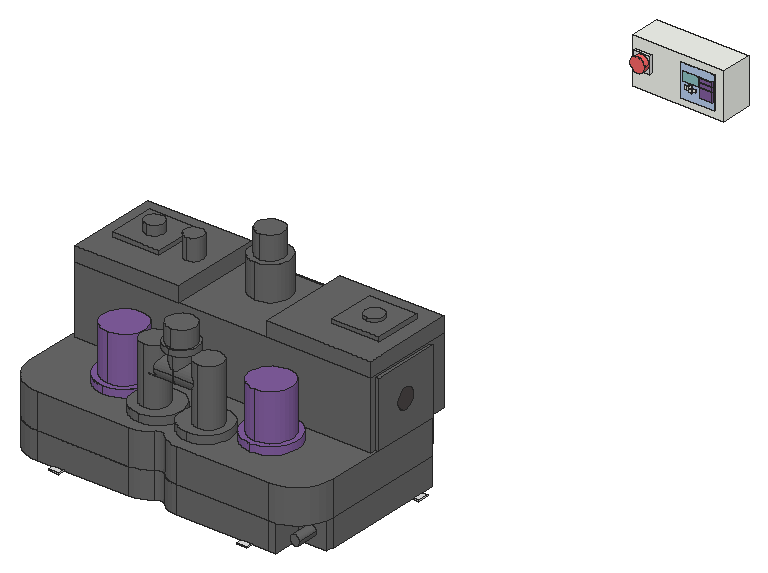
Revit family "11110", category Generic Models, Revit 2021
Family settings
  Can host rebar = No
  Round Connector Dimension = Use Diameter
  Part Type = Normal
  Work Plane-Based = No
  Always vertical = Yes
  Cut with Voids When Loaded = No
  Shared = Yes
  Room Calculation Point = No
Parameters (values of type "11110")
  SUPPLIER = "KESSEL"
  SA700ID49 = "Protection Class I"
  SA700ID48 = "no"
  SA700ID47 = "no"
  SA700ID46 = "yes"
  SA700ID37 = 16000 mm
  SA700ID34 = 47
  SA700ID33 = 3.2 W
  SA700ID32 = 112.79 kg
  SA700ID31 = 1
  SA700ID30 = 2
  SA700ID29 = "GLRD"
  SA700ID21 = 1600
  SA700ID10 = "yes"
  SA700ID08 = 400 V
  PROCUREWEBLINK = "https://p.caden.as/kessel/11110"
  PROCURELINK = "p.caden.as/kessel/11110"
  PROCUREDATALASTUPDATE = "2024-05-22T12:17:47.120327751+01:00"
  PREVIEW = "../../_pool_/28/43/11110.png"
  PRC_SPECIFICATIONLINK = "https://ausschreiben.de/catalog/kessel/catalogItem/860c0efe-db35-4714-9a7a-eb2f2846d1dc"
  NN = "Lifting station Aqualift F XL"
  NBSYN = "$SA810ID03."
  NB = "11110"
  Model = "11110"
  Manufacturer = "KESSEL"
  MIdent = "{$CADENAS_DATA/23d-libs/kessel/kessel_vdi_import/4/entwaesserung/hebeanlage20aqualift20f20xl.prj},201 {STYP=ASS},{VTYP=3D},{NB=11110},{LINA=11110},{NN=Lifting station Aqualift F XL},{DATE=21.11.2022 10:48:11},{GEOMDATE=21.11.2022 10:48:11},{VERSION=},{LINEID=330},{WBVAR=LODLEVEL},{WBNUMERIC=LODLEVEL}  {NB=11110},{LINA=11110},{KT=DUMMY},{PREVIEW=../../_pool_/28/43/11110.png},{SA700ID04=Hebeanlage Aqualift F XL 300 l, Duo, SPF 3000-S1},{SA810ID06=04026092057773},{SA700ID34=47.00},{SA010ID03=201805},{SA810ID03=11110},{SA810ID10=Aqualift F XL 3000W-S1 Duo 300L o.S.KESSEL Aqualift F XL Hebeanlage für fäkalienhaltiges und fäkalienfreies Abwasser. Zur Aufstellung in frostgeschützten Räumen.Duoanlage mit zwei Pumpen des Typs SPF 3000-S1Sammelbehälter aus Polyethylen, mit verschraubter Reinigungsöffnung, Anschlussstutzen für Zulauf von oben DN100/150.Inklusive Tauchrohr zur pneumatischen Niveauerfassung,Entlüftungsanschluss DN 70 und Anschluss für eine Handmembranpumpe DN 32.Behälter inklusive Haltewinkel zur Auftriebssicherung.Behältervolumen 300 Liter, max. Nutzvolumen bei Zulauf von oben ca. 175 Liter.Zwei seitliche und drei rückseitige Anbohrflächen zur Montage weiterer Zuläufe bis DN 200 unter Verwendung von Durchgangsdichtungen.Inklusive KESSEL Schaltgerät Aqualift Comfort 400 V.Anwenderfreundliche Menüführung im mehrzeiligem Display. MitSelbstdiagnosesystem (SDS) und Erinnerungsfunktion für nächste Wartung.Anzeige der aktuellen Messwerte. Einfache Einstellung derfunktionsrelevanten Parameter, inklusive Betriebsstundenzähler und potentialfreiem Kontakt. Optionale Weiterleitung von Alarm- und Sammelstörmeldung über GSM Schnittstelle.Schaltgerät mit Volltextanzeige in sechs Sprachen.Abwasserpumpe(n) mit Freistromrad zur Förderung von fäkalienfreiem und fäkalienhaltigem Abwasser gemäß DIN EN 12050-1. Freier Kugeldurchgang mindestens 40 mm. Pumpe(n) überflutungssicher.InklusiveRückflussverhinderer, mit Druckabgang aus Kunststoff DN 100. Ohne Absperrschieber.Pumpe(n) Typ SPF 3000-S1Fördermenge: max. 47 m³/hFörderhöhe: max. 16 mNennleistung (P2): 2,7 KW je PumpeAufnahmeleistung (P1): 3,2 KW je PumpeBetriebsspannung: 400 V DSNennfrequenz: 50 HzNennstrom: 5,4 AAbsicherung: 3 x 16 A trägeSchutzart (Pumpe): IP68 3mWS/48hSchutzart (Schaltgerät): IP 65Bertiebsart: S1Kabellänge: 5 mAußenmaße Anlage mit 300 Liter Behälter (BxTxH): 1260 x 760 x 770 mmGewicht ca. 112,79 kg},{SA700ID37=16.00},{SA700ID33=3.20},{SA700ID08=400},{SA700ID30=2},{SA700ID32=112.79},{SA700ID49=Schutzklasse I},{SA700ID50=intern},{SA200ID03=6},{SA250ID03=vertikal},{SA260ID03=Trockenläuferpumpe},{SA350ID03=normalansaugend},{SA400ID03=E-Motor für Drehstrom},{SA460ID03=direkt},{SA500ID03=Kunststoff, Edelstahl},{SA700ID06=100},{SA700ID07=100},{SA700ID09=3/N/PE 400V},{SA700ID10=Ja},{SA700ID11=50},{SA700ID12=IP 68},{SA700ID13=F},{SA700ID15=40},{SA700ID21=1600.00},{SA700ID22=2.70},{SA700ID23=2890},{SA700ID24=2890},{SA700ID26=5.40},{SA700ID27=41.00},{SA700ID28=durchgehend},{SA700ID29=GLRD},{SA700ID31=1},{SA700ID46=ja},{SA700ID47=nein},{SA700ID48=nein},{SA110ID04=Hebeanlage Aqualift F XL},{SA300ID03=einstufig},{SA700ID44=10.00},{SA700ID45=10.00},{SA010ID04=KESSEL AG},{LODLEVEL=200},{LINK=https://www.kessel.de/info?han=11110},{SA970ID01=970},{SA970ID02=7184},{SA970ID03=11110},{SA970ID04=11002617},{SA970ID05=QUAD},{SA970ID06=-655.51},{SA970ID07=-635.99},{SA970ID08=0},{SA970ID09=1},{SA970ID10=0},{SA970ID11=0},{SA970ID12=0},{SA970ID13=1},{SA970ID14=0},{SA970ID15=1311.02},{SA970ID16=785.99},{SA970ID17=771},{LODLEVEL_=200,'Low'},{LODLEVEL_DEU=200,'Low'},{LINK_=https://www.kessel.de/info?han=11110},{LINK_DEU=https://www.kessel.de/info?han=11110},{LODLEVEL_3DB=11110_200},{DNIN1=100},{DNIN2=70},{DNIN4=10},{DNIN5=10},{DNIN6=50},{DNIN7=50},{DNIN8=50},{DNIN9=50},{DNOUT1=32},{DNOUT2=100},{DNOUT3=70},{ISD1=96},{ISD2=10},{ISDOUT1=40},{ISDOUT2=85},{ISDOUT3=70},{SA010ID01=010},{SA010ID02=4},{SA010ID06=www.kessel.de},{SA010ID07=www.kessel.de},{SA010ID12=20180713},{SA010ID13=DEU},{SA010ID14=DE},{SA100ID01=100},{SA100ID02=4},{SA100ID04=Entwässerung},{SA110ID01=110},{SA110ID02=6},{SA200ID01=200},{SA200ID02=6},{SA250ID01=250},{SA250ID02=2},{SA260ID01=260},{SA260ID02=2},{SA300ID01=300},{SA300ID02=1},{SA350ID01=350},{SA350ID02=1},{SA400ID01=400},{SA400ID02=2},{SA460ID01=460},{SA460ID02=1},{SA500ID01=500},{SA500ID02=1},{SA700ID01=700},{SA700ID02=77},{SA700ID10_=1},{SA700ID16=0},{SA700ID25=0},{SA700ID46_=1},{SA700ID47_=0},{SA700ID48_=0},{SA700ID49_=1},{SA700ID50_=2},{SA800ID01=800},{SA800ID02=41},{SA810ID01=810},{SA810ID02=77},{SA810ID04=11110},{SA810ID07=77},{SA810ID09=1},{SA810ID14=PCE},{SA810ID15=1},{SA810ID16=NMP},{SA960ID03=77},{SA960ID04=3L},{SA960ID08=https://www.kessel.de/info?han=11110},{SA010ID08=4026092000007},{SA100ID05=Hebeanlage},{SA110ID06=Hebeanlage}"
  LINK = "https://www.kessel.de/info?han=11110"
  LINA = "11110"
  Default Elevation = 0 mm
  CREATOR = "CADENAS GmbH"
  CATALOG = "KESSEL"
  BOMINFO = "LINA"
  ARTICLENO = "NB"
  4.810.00.9 Order quantity (multiplicator) = "1"
  4.810.00.7 Media- connection number = "77"
  4.810.00.6 GTIN number = "04026092057773"
  4.810.00.4 DATANORM number = "11110"
  4.810.00.3 Producer order number = "11110"
  4.710.03.7 Mass (net) = 112.79 kg
  4.710.03.6 Height = 770 mm
  4.710.03.5 Width = 760 mm
  4.710.03.4 Length = 1260 mm
  4.710.03.3 Type of dimensions = "2"
  4.710.02.8 Area of application of wastewater pump = "1"
  4.710.02.6 Duty type = "S1"
  4.710.02.5 Cutting device = "0"
  4.710.02.4 Attached pump control = "1"
  4.710.02.3 Free passage = 40 mm
  4.710.01.6 Option to connect to building automation = "40"
  4.710.01.5 Load regulation = "0"
  4.710.01.4 Designation of closed-loop control = "175"
  4.710.01.3 Identifier for closed-loop control = "300"
  4.700.00.9 Voltage = 0
  4.700.00.8 Nominal connection size on suction side = "100"
  4.700.00.7 Nominal connection size on pressure side = "100"
  4.700.00.6 Type of connection = "100"
  4.700.00.4 Product indentification = "Hebeanlage Aqualift F XL 300 l, Duo, SPF 3000-S1"
  4.700.00.28 Motor pump shaft = "durchgehend"
  4.700.00.27 Starting current = 41
  4.700.00.26 Maximum power consumption per pump / drive = 5.4
  4.700.00.25 Minimum speed at internal speed adjustment = 0
  4.700.00.24 Nominal speed / maximum speed n = 48.1667
  4.700.00.23 Nominal speed of motor = 48.1667
  4.700.00.22 Maximum shaft output (P2) per pump/drive = 2.7 W
  4.700.00.16 Maximum temperature of pumped medium = 0 °C
  4.700.00.15 Increased safety class = "40 °C"
  4.700.00.13 Type of protection = "F"
  4.700.00.12 Frequency = 0
  4.700.00.11 Stern-/Dreieck-Anlaufschaltung bei Dreiphasenanschluss oder Drehstrom = "50 Hz"
  4.700.00.10 Phase = "1"
  4.500.00.3 Variant / Variant type / Accessories-name = "Kunststoff, Edelstahl"
  4.460.00.3 Variant / Variant type / Accessories-name = "direkt"
  4.400.00.3 Variant / Variant type / Accessories-name = "E-Motor für Drehstrom"
  4.350.00.3 Variant / Variant type / Accessories-name = "normalansaugend"
  4.300.00.3 Variant / Variant type / Accessories-name = "einstufig"
  4.260.00.3 Variant / Variant type / Accessories-name = "Trockenläuferpumpe"
  4.250.00.3 Variant / Variant type / Accessories-name = "vertikal"
  4.200.00.3 Variant / Variant type / Accessories-name = "6"
  4.110.00.6 Product classification = "Hebeanlage"
  4.110.00.4 Product indentification = "Hebeanlage Aqualift F XL"
  4.100.00.5 Main groups of wares = "Hebeanlage"
  4.100.00.4 Product indentification = "Entwässerung"
  4.010.00.8 Producer ID number = "4026092000007"
  4.010.00.7 Comment = "www.kessel.de"
  4.010.00.6 Web address of the manufacturer = "www.kessel.de"
  4.010.00.4 Manufacturer name = "KESSEL AG"
  4.010.00.3 Date of issuance (month) of guideline = "201805"
  4.010.00.2 Sheet number of the guideline = "4"
  4.010.00.14 Kennungen der Projektländer, für die die Datei gültig ist = "DE"
  4.010.00.13 Sprache der Datei = "DEU"
  4.010.00.12 Stand des Herstellerkatalogs = "20180713"
Reference planes
  plane 1 "Center (Front/Back)": y = 0
  plane 2: z = 0
  plane 3 "Center (Left/Right)": x = 0
Dimensions and locks
  aligned and locked: level to plane 2
Nested families
  nested 1: "11110_content" at (0, 0, 0), type "11110_Content"
  nested 2: "11110_part1_X0Y0" at (1000, 1000, 1200), type "11110_PART1_X0Y0"
  nested 3: "11110_part2_X0Y0" at (0, 0, 0), type "11110_PART2_X0Y0"
Connectors
  electrical at (861, 933, 1201.5)
    settings: on nested 2, index 1, voltage 0 V, apparent load 0 VA, apparent load phase1 0 VA, apparent load phase2 0 VA, apparent load phase3 0 VA, power factor 1, load classification "Other", number of poles 1, system type 31, power factor state 1, is connector primary yes, connector utility no, sub classification motor no, connector description ""
  piping at (0, 0, 771), diameter 100
    settings: on nested 3, index 2, connector inside diameter 609.6 mm, connector length 0 mm, flow factor 0, pipe flow 0.0 L/s, pressure drop 0.0 Pa, fitting loss kfactor 0, connector angle 0.00°, fixture units 0, engagement length 0 mm, angle of deflection 0.00°, flow configuration 0, flow direction 1, fitting loss method 2, system type 8, joint type 0, gender type 0, connector reference index -1, connector utility 0, adjustable connector no, is connector primary yes, connector description ""
  piping at (631, -84.999, 392), diameter 70
    settings: on nested 3, index 3, connector inside diameter 609.6 mm, connector length 0 mm, flow factor 0, pipe flow 0.0 L/s, pressure drop 0.0 Pa, fitting loss kfactor 0, connector angle 0.00°, fixture units 0, engagement length 0 mm, angle of deflection 0.00°, flow configuration 0, flow direction 0, fitting loss method 2, system type 8, joint type 0, gender type 0, connector reference index -1, connector utility 0, adjustable connector no, is connector primary no, connector description ""
  piping at (358.7, 150.5, 392), diameter 70
    settings: on nested 3, index 4, connector inside diameter 609.6 mm, connector length 0 mm, flow factor 0, pipe flow 0.0 L/s, pressure drop 0.0 Pa, fitting loss kfactor 0, connector angle 0.00°, fixture units 0, engagement length 0 mm, angle of deflection 0.00°, flow configuration 0, flow direction 0, fitting loss method 2, system type 8, joint type 0, gender type 0, connector reference index -1, connector utility 0, adjustable connector no, is connector primary no, connector description ""
  piping at (-357.7, 150.5, 392), diameter 70
    settings: on nested 3, index 5, connector inside diameter 609.6 mm, connector length 0 mm, flow factor 0, pipe flow 0.0 L/s, pressure drop 0.0 Pa, fitting loss kfactor 0, connector angle 0.00°, fixture units 0, engagement length 0 mm, angle of deflection 0.00°, flow configuration 0, flow direction 0, fitting loss method 2, system type 8, joint type 0, gender type 0, connector reference index -1, connector utility 0, adjustable connector no, is connector primary no, connector description ""
  piping at (-630, -85, 392), diameter 70
    settings: on nested 3, index 6, connector inside diameter 609.6 mm, connector length 0 mm, flow factor 0, pipe flow 0.0 L/s, pressure drop 0.0 Pa, fitting loss kfactor 0, connector angle 0.00°, fixture units 0, engagement length 0 mm, angle of deflection 0.00°, flow configuration 0, flow direction 0, fitting loss method 2, system type 8, joint type 0, gender type 0, connector reference index -1, connector utility 0, adjustable connector no, is connector primary no, connector description ""
  piping at (0, -460, 620), diameter 100
    settings: on nested 3, index 7, connector inside diameter 609.6 mm, connector length 0 mm, flow factor 0, pipe flow 0.0 L/s, pressure drop 0.0 Pa, fitting loss kfactor 0, connector angle 0.00°, fixture units 0, engagement length 0 mm, angle of deflection 0.00°, flow configuration 0, flow direction 2, fitting loss method 2, system type 7, joint type 0, gender type 0, connector reference index -1, connector utility 0, adjustable connector no, is connector primary no, connector description ""
  piping at (-269.5, -60, 681), diameter 70
    settings: on nested 3, index 8, connector inside diameter 609.6 mm, connector length 0 mm, flow factor 0, pipe flow 0.0 L/s, pressure drop 0.0 Pa, fitting loss kfactor 0, connector angle 0.00°, fixture units 0, engagement length 0 mm, angle of deflection 0.00°, flow configuration 0, flow direction 2, fitting loss method 2, system type 7, joint type 0, gender type 0, connector reference index -1, connector utility 0, adjustable connector no, is connector primary no, connector description ""
  piping at (565, -575.5, 56), diameter 32
    settings: on nested 3, index 9, connector inside diameter 609.6 mm, connector length 0 mm, flow factor 0, pipe flow 0.0 L/s, pressure drop 0.0 Pa, fitting loss kfactor 0, connector angle 0.00°, fixture units 0, engagement length 0 mm, angle of deflection 0.00°, flow configuration 0, flow direction 2, fitting loss method 2, system type 7, joint type 0, gender type 0, connector reference index -1, connector utility 0, adjustable connector no, is connector primary no, connector description ""
  piping at (0, 150.5, 392), diameter 70
    settings: on nested 3, index 10, connector inside diameter 609.6 mm, connector length 0 mm, flow factor 0, pipe flow 0.0 L/s, pressure drop 0.0 Pa, fitting loss kfactor 0, connector angle 0.00°, fixture units 0, engagement length 0 mm, angle of deflection 0.00°, flow configuration 0, flow direction 0, fitting loss method 2, system type 29, joint type 0, gender type 0, connector reference index -1, connector utility 0, adjustable connector no, is connector primary no, connector description ""
  electrical at (305.4, -376.25, 477)
    settings: on nested 3, index 11, voltage 0 V, apparent load 0 VA, apparent load phase1 0 VA, apparent load phase2 0 VA, apparent load phase3 0 VA, power factor 1, load classification "Other", number of poles 1, system type 31, power factor state 1, is connector primary no, connector utility no, sub classification motor no, connector description ""
  electrical at (-305.4, -376.25, 477)
    settings: on nested 3, index 12, voltage 0 V, apparent load 0 VA, apparent load phase1 0 VA, apparent load phase2 0 VA, apparent load phase3 0 VA, power factor 1, load classification "Other", number of poles 1, system type 31, power factor state 1, is connector primary no, connector utility no, sub classification motor no, connector description ""
  electrical at (-457, -29.5, 650)
    settings: on nested 3, index 13, voltage 0 V, apparent load 0 VA, apparent load phase1 0 VA, apparent load phase2 0 VA, apparent load phase3 0 VA, power factor 1, load classification "Other", number of poles 1, system type 31, power factor state 1, is connector primary no, connector utility no, sub classification motor no, connector description ""
Definition of nested family "11110_part1_X0Y0"
  Parameters (values of type "11110_PART1_X0Y0")
    SUPPLIER = "KESSEL"
    SA700ID49 = "Protection Class I"
    SA700ID48 = "no"
    SA700ID47 = "no"
    SA700ID46 = "yes"
    SA700ID37 = 16000 mm
    SA700ID34 = 47
    SA700ID33 = 3.2 W
    SA700ID32 = 112.79 kg
    SA700ID31 = 1
    SA700ID30 = 2
    SA700ID29 = "GLRD"
    SA700ID21 = 1600
    SA700ID10 = "yes"
    SA700ID08 = 400 V
    PREVIEW = "../../_pool_/28/43/11110.png"
    NBSYN = "$SA810ID03._PART1"
    NB = "11110_PART1"
    Model = "11110_PART1"
    Manufacturer = "KESSEL"
    MIdent = "{$CADENAS_DATA/23d-libs/kessel/kessel_vdi_import/4/entwaesserung/hebeanlage20aqualift20f20xl.prj},221 {VTYP=3D},{NB=11110_PART1},{LINA=11110_PART1},{NN=Lifting station Aqualift F XL_PART1},{NOPRJ=TRUE},{DATE=21.11.2022 10:48:11},{GEOMDATE=21.11.2022 10:48:11},{VERSION=},{LINEID=330},{WBVAR=LODLEVEL},{WBNUMERIC=LODLEVEL}  {NB=11110_PART1},{LINA=11110_PART1},{KT=DUMMY},{PREVIEW=../../_pool_/28/43/11110.png},{SA700ID04=Hebeanlage Aqualift F XL 300 l, Duo, SPF 3000-S1},{SA810ID06=04026092057773},{SA700ID34=47.00},{SA010ID03=201805},{SA810ID03=11110},{SA810ID10=Aqualift F XL 3000W-S1 Duo 300L o.S.KESSEL Aqualift F XL Hebeanlage für fäkalienhaltiges und fäkalienfreies Abwasser. Zur Aufstellung in frostgeschützten Räumen.Duoanlage mit zwei Pumpen des Typs SPF 3000-S1Sammelbehälter aus Polyethylen, mit verschraubter Reinigungsöffnung, Anschlussstutzen für Zulauf von oben DN100/150.Inklusive Tauchrohr zur pneumatischen Niveauerfassung,Entlüftungsanschluss DN 70 und Anschluss für eine Handmembranpumpe DN 32.Behälter inklusive Haltewinkel zur Auftriebssicherung.Behältervolumen 300 Liter, max. Nutzvolumen bei Zulauf von oben ca. 175 Liter.Zwei seitliche und drei rückseitige Anbohrflächen zur Montage weiterer Zuläufe bis DN 200 unter Verwendung von Durchgangsdichtungen.Inklusive KESSEL Schaltgerät Aqualift Comfort 400 V.Anwenderfreundliche Menüführung im mehrzeiligem Display. MitSelbstdiagnosesystem (SDS) und Erinnerungsfunktion für nächste Wartung.Anzeige der aktuellen Messwerte. Einfache Einstellung derfunktionsrelevanten Parameter, inklusive Betriebsstundenzähler und potentialfreiem Kontakt. Optionale Weiterleitung von Alarm- und Sammelstörmeldung über GSM Schnittstelle.Schaltgerät mit Volltextanzeige in sechs Sprachen.Abwasserpumpe(n) mit Freistromrad zur Förderung von fäkalienfreiem und fäkalienhaltigem Abwasser gemäß DIN EN 12050-1. Freier Kugeldurchgang mindestens 40 mm. Pumpe(n) überflutungssicher.InklusiveRückflussverhinderer, mit Druckabgang aus Kunststoff DN 100. Ohne Absperrschieber.Pumpe(n) Typ SPF 3000-S1Fördermenge: max. 47 m³/hFörderhöhe: max. 16 mNennleistung (P2): 2,7 KW je PumpeAufnahmeleistung (P1): 3,2 KW je PumpeBetriebsspannung: 400 V DSNennfrequenz: 50 HzNennstrom: 5,4 AAbsicherung: 3 x 16 A trägeSchutzart (Pumpe): IP68 3mWS/48hSchutzart (Schaltgerät): IP 65Bertiebsart: S1Kabellänge: 5 mAußenmaße Anlage mit 300 Liter Behälter (BxTxH): 1260 x 760 x 770 mmGewicht ca. 112,79 kg},{SA700ID37=16.00},{SA700ID33=3.20},{SA700ID08=400},{SA700ID30=2},{SA700ID32=112.79},{SA700ID49=Schutzklasse I},{SA700ID50=intern},{SA200ID03=6},{SA250ID03=vertikal},{SA260ID03=Trockenläuferpumpe},{SA350ID03=normalansaugend},{SA400ID03=E-Motor für Drehstrom},{SA460ID03=direkt},{SA500ID03=Kunststoff, Edelstahl},{SA700ID06=100},{SA700ID07=100},{SA700ID09=3/N/PE 400V},{SA700ID10=Ja},{SA700ID11=50},{SA700ID12=IP 68},{SA700ID13=F},{SA700ID15=40},{SA700ID21=1600.00},{SA700ID22=2.70},{SA700ID23=2890},{SA700ID24=2890},{SA700ID26=5.40},{SA700ID27=41.00},{SA700ID28=durchgehend},{SA700ID29=GLRD},{SA700ID31=1},{SA700ID46=ja},{SA700ID47=nein},{SA700ID48=nein},{SA110ID04=Hebeanlage Aqualift F XL},{SA300ID03=einstufig},{SA700ID44=10.00},{SA700ID45=10.00},{SA010ID04=KESSEL AG},{LODLEVEL=200},{LINK=https://www.kessel.de/info?han=11110},{SA970ID01=970},{SA970ID02=7184},{SA970ID03=11110},{SA970ID04=11002617},{SA970ID05=QUAD},{SA970ID06=-655.51},{SA970ID07=-635.99},{SA970ID08=0},{SA970ID09=1},{SA970ID10=0},{SA970ID11=0},{SA970ID12=0},{SA970ID13=1},{SA970ID14=0},{SA970ID15=1311.02},{SA970ID16=785.99},{SA970ID17=771},{LODLEVEL_=200,'Low'},{LODLEVEL_DEU=200,'Low'},{LINK_=https://www.kessel.de/info?han=11110},{LINK_DEU=https://www.kessel.de/info?han=11110},{LODLEVEL_3DB=11110_200},{DNIN1=100},{DNIN2=70},{DNIN4=10},{DNIN5=10},{DNIN6=50},{DNIN7=50},{DNIN8=50},{DNIN9=50},{DNOUT1=32},{DNOUT2=100},{DNOUT3=70},{ISD1=96},{ISD2=10},{ISDOUT1=40},{ISDOUT2=85},{ISDOUT3=70},{SA010ID01=010},{SA010ID02=4},{SA010ID06=www.kessel.de},{SA010ID07=www.kessel.de},{SA010ID12=20180713},{SA010ID13=DEU},{SA010ID14=DE},{SA100ID01=100},{SA100ID02=4},{SA100ID04=Entwässerung},{SA110ID01=110},{SA110ID02=6},{SA200ID01=200},{SA200ID02=6},{SA250ID01=250},{SA250ID02=2},{SA260ID01=260},{SA260ID02=2},{SA300ID01=300},{SA300ID02=1},{SA350ID01=350},{SA350ID02=1},{SA400ID01=400},{SA400ID02=2},{SA460ID01=460},{SA460ID02=1},{SA500ID01=500},{SA500ID02=1},{SA700ID01=700},{SA700ID02=77},{SA700ID10_=1},{SA700ID16=0},{SA700ID25=0},{SA700ID46_=1},{SA700ID47_=0},{SA700ID48_=0},{SA700ID49_=1},{SA700ID50_=2},{SA800ID01=800},{SA800ID02=41},{SA810ID01=810},{SA810ID02=77},{SA810ID04=11110},{SA810ID07=77},{SA810ID09=1},{SA810ID14=PCE},{SA810ID15=1},{SA810ID16=NMP},{SA960ID03=77},{SA960ID04=3L},{SA960ID08=https://www.kessel.de/info?han=11110},{SA010ID08=4026092000007},{SA100ID05=Hebeanlage},{SA110ID06=Hebeanlage}"
    LINK = "https://www.kessel.de/info?han=11110"
    LINA = "11110_PART1"
    Default Elevation = 1219.2 mm
    CREATOR = "CADENAS GmbH"
    CATALOG = "KESSEL"
    BOMINFO = "LINA"
    ARTICLENO = "NB"
    4.810.00.9 Order quantity (multiplicator) = "1"
    4.810.00.7 Media- connection number = "77"
    4.810.00.6 GTIN number = "04026092057773"
    4.810.00.4 DATANORM number = "11110"
    4.810.00.3 Producer order number = "11110"
    4.710.03.7 Mass (net) = 112.79 kg
    4.710.03.6 Height = 770 mm
    4.710.03.5 Width = 760 mm
    4.710.03.4 Length = 1260 mm
    4.710.03.3 Type of dimensions = "2"
    4.710.02.8 Area of application of wastewater pump = "1"
    4.710.02.6 Duty type = "S1"
    4.710.02.5 Cutting device = "0"
    4.710.02.4 Attached pump control = "1"
    4.710.02.3 Free passage = 40 mm
    4.710.01.6 Option to connect to building automation = "40"
    4.710.01.5 Load regulation = "0"
    4.710.01.4 Designation of closed-loop control = "175"
    4.710.01.3 Identifier for closed-loop control = "300"
    4.700.00.9 Voltage = 0
    4.700.00.8 Nominal connection size on suction side = "100"
    4.700.00.7 Nominal connection size on pressure side = "100"
    4.700.00.6 Type of connection = "100"
    4.700.00.4 Product indentification = "Hebeanlage Aqualift F XL 300 l, Duo, SPF 3000-S1"
    4.700.00.28 Motor pump shaft = "durchgehend"
    4.700.00.27 Starting current = 41
    4.700.00.26 Maximum power consumption per pump / drive = 5.4
    4.700.00.25 Minimum speed at internal speed adjustment = 0
    4.700.00.24 Nominal speed / maximum speed n = 48.1667
    4.700.00.23 Nominal speed of motor = 48.1667
    4.700.00.22 Maximum shaft output (P2) per pump/drive = 2.7 W
    4.700.00.16 Maximum temperature of pumped medium = 0 °C
    4.700.00.15 Increased safety class = "40 °C"
    4.700.00.13 Type of protection = "F"
    4.700.00.12 Frequency = 0
    4.700.00.11 Stern-/Dreieck-Anlaufschaltung bei Dreiphasenanschluss oder Drehstrom = "50 Hz"
    4.700.00.10 Phase = "1"
    4.500.00.3 Variant / Variant type / Accessories-name = "Kunststoff, Edelstahl"
    4.460.00.3 Variant / Variant type / Accessories-name = "direkt"
    4.400.00.3 Variant / Variant type / Accessories-name = "E-Motor für Drehstrom"
    4.350.00.3 Variant / Variant type / Accessories-name = "normalansaugend"
    4.300.00.3 Variant / Variant type / Accessories-name = "einstufig"
    4.260.00.3 Variant / Variant type / Accessories-name = "Trockenläuferpumpe"
    4.250.00.3 Variant / Variant type / Accessories-name = "vertikal"
    4.200.00.3 Variant / Variant type / Accessories-name = "6"
    4.110.00.6 Product classification = "Hebeanlage"
    4.110.00.4 Product indentification = "Hebeanlage Aqualift F XL"
    4.100.00.5 Main groups of wares = "Hebeanlage"
    4.100.00.4 Product indentification = "Entwässerung"
    4.010.00.8 Producer ID number = "4026092000007"
    4.010.00.7 Comment = "www.kessel.de"
    4.010.00.6 Web address of the manufacturer = "www.kessel.de"
    4.010.00.4 Manufacturer name = "KESSEL AG"
    4.010.00.3 Date of issuance (month) of guideline = "201805"
    4.010.00.2 Sheet number of the guideline = "4"
    4.010.00.14 Kennungen der Projektländer, für die die Datei gültig ist = "DE"
    4.010.00.13 Sprache der Datei = "DEU"
    4.010.00.12 Stand des Herstellerkatalogs = "20180713"
  Reference planes
    plane 1 "Center (Front/Back)": y = 0
    plane 2: z = 0
    plane 3 "Center (Left/Right)": x = 0
  Dimensions and locks
    aligned and locked: level to plane 2
  Nested families
    nested 1: "11110_part1_content" at (0, 0, 0), type "11110_PART1_Content"
  Definition of nested family "11110_part1_content"
    Parameters (values of type "11110_PART1_Content")
      SUPPLIER = "KESSEL"
      SA700ID49 = "Protection Class I"
      SA700ID48 = "no"
      SA700ID47 = "no"
      SA700ID46 = "yes"
      SA700ID37 = 16000 mm
      SA700ID34 = 47
      SA700ID33 = 3.2 W
      SA700ID32 = 112.79 kg
      SA700ID31 = 1
      SA700ID30 = 2
      SA700ID29 = "GLRD"
      SA700ID21 = 1600
      SA700ID10 = "yes"
      SA700ID08 = 400 V
      PREVIEW = "../../_pool_/28/43/11110.png"
      NBSYN = "$SA810ID03._PART1"
      NB = "11110_PART1"
      Model = "11110_PART1"
      Manufacturer = "KESSEL"
      LINK = "https://www.kessel.de/info?han=11110"
      LINA = "11110_PART1"
      Default Elevation = 1219.2 mm
      CREATOR = "CADENAS GmbH"
      CATALOG = "KESSEL"
      BOMINFO = "LINA"
      ARTICLENO = "NB"
      4.810.00.9 Order quantity (multiplicator) = "1"
      4.810.00.7 Media- connection number = "77"
      4.810.00.6 GTIN number = "04026092057773"
      4.810.00.4 DATANORM number = "11110"
      4.810.00.3 Producer order number = "11110"
      4.710.03.7 Mass (net) = 112.79 kg
      4.710.03.6 Height = 770 mm
      4.710.03.5 Width = 760 mm
      4.710.03.4 Length = 1260 mm
      4.710.03.3 Type of dimensions = "2"
      4.710.02.8 Area of application of wastewater pump = "1"
      4.710.02.6 Duty type = "S1"
      4.710.02.5 Cutting device = "0"
      4.710.02.4 Attached pump control = "1"
      4.710.02.3 Free passage = 40 mm
      4.710.01.6 Option to connect to building automation = "40"
      4.710.01.5 Load regulation = "0"
      4.710.01.4 Designation of closed-loop control = "175"
      4.710.01.3 Identifier for closed-loop control = "300"
      4.700.00.9 Voltage = 0
      4.700.00.8 Nominal connection size on suction side = "100"
      4.700.00.7 Nominal connection size on pressure side = "100"
      4.700.00.6 Type of connection = "100"
      4.700.00.4 Product indentification = "Hebeanlage Aqualift F XL 300 l, Duo, SPF 3000-S1"
      4.700.00.28 Motor pump shaft = "durchgehend"
      4.700.00.27 Starting current = 41
      4.700.00.26 Maximum power consumption per pump / drive = 5.4
      4.700.00.25 Minimum speed at internal speed adjustment = 0
      4.700.00.24 Nominal speed / maximum speed n = 48.1667
      4.700.00.23 Nominal speed of motor = 48.1667
      4.700.00.22 Maximum shaft output (P2) per pump/drive = 2.7 W
      4.700.00.16 Maximum temperature of pumped medium = 0 °C
      4.700.00.15 Increased safety class = "40 °C"
      4.700.00.13 Type of protection = "F"
      4.700.00.12 Frequency = 0
      4.700.00.11 Stern-/Dreieck-Anlaufschaltung bei Dreiphasenanschluss oder Drehstrom = "50 Hz"
      4.700.00.10 Phase = "1"
      4.500.00.3 Variant / Variant type / Accessories-name = "Kunststoff, Edelstahl"
      4.460.00.3 Variant / Variant type / Accessories-name = "direkt"
      4.400.00.3 Variant / Variant type / Accessories-name = "E-Motor für Drehstrom"
      4.350.00.3 Variant / Variant type / Accessories-name = "normalansaugend"
      4.300.00.3 Variant / Variant type / Accessories-name = "einstufig"
      4.260.00.3 Variant / Variant type / Accessories-name = "Trockenläuferpumpe"
      4.250.00.3 Variant / Variant type / Accessories-name = "vertikal"
      4.200.00.3 Variant / Variant type / Accessories-name = "6"
      4.110.00.6 Product classification = "Hebeanlage"
      4.110.00.4 Product indentification = "Hebeanlage Aqualift F XL"
      4.100.00.5 Main groups of wares = "Hebeanlage"
      4.100.00.4 Product indentification = "Entwässerung"
      4.010.00.8 Producer ID number = "4026092000007"
      4.010.00.7 Comment = "www.kessel.de"
      4.010.00.6 Web address of the manufacturer = "www.kessel.de"
      4.010.00.4 Manufacturer name = "KESSEL AG"
      4.010.00.3 Date of issuance (month) of guideline = "201805"
      4.010.00.2 Sheet number of the guideline = "4"
      4.010.00.14 Kennungen der Projektländer, für die die Datei gültig ist = "DE"
      4.010.00.13 Sprache der Datei = "DEU"
      4.010.00.12 Stand des Herstellerkatalogs = "20180713"
    Reference planes
      plane 1 "Center (Front/Back)": y = 0
      plane 2: z = 0
      plane 3 "Center (Left/Right)": x = 0
    Forms (mm)
      Extrusion 1, solid, detail levels medium+fine
        sketch origin (189.25, -1.75, 0.2) x (0, -1, 0) y (0, 0, 1)
          loop
            line (0, 187.8) -> (0, 0) -> (127.75, 0) -> (127.75, 187.8) -> (0, 187.8)
        from 0 to 378.5
      Extrusion 2, solid, detail levels medium+fine
        sketch origin (-4, -67, 0) x (0, 1, 0) y (-1, 0, 0)
          loop
            circle (0, 0) r 12.5
        from 0 to 1.5
      Extrusion 3, solid, detail levels medium+fine
        sketch origin (150.8, -129.5, 26.5) x (0, -1, 0) y (0, 0, 1)
          loop
            line (-1.2, 134.8) -> (-1.2, 0) -> (0.25, 0) -> (0.25, 134.8) -> (-1.2, 134.8)
        from 0 to 139.9
      Extrusion 4, solid, detail levels medium+fine
        sketch origin (72.55, -129.75, 66) x (0, -1, 0) y (0, 0, 1)
          loop
            line (-1, 12) -> (-1, 0) -> (0.5, 0) -> (0.5, 12) -> (-1, 12)
        from 0 to 12
      Extrusion 5, solid, detail levels medium+fine
        sketch origin (84.45, -129.75, 93.4) x (0, -1, 0) y (0, 0, 1)
          loop
            line (-1, 37) -> (-1, 0) -> (0.5, 0) -> (0.5, 37) -> (-1, 37)
        from 0 to 66
      Extrusion 6, solid, detail levels medium+fine
        sketch origin (55.3, -129.75, 74) x (0, -1, 0) y (0, 0, 1)
          loop
            line (-1, 12) -> (-1, 0) -> (0.5, 0) -> (0.5, 12) -> (-1, 12)
        from 0 to 12
      Extrusion 7, solid, detail levels medium+fine
        sketch origin (143.3, -129.75, 94.4) x (0, -1, 0) y (0, 0, 1)
          loop
            line (0, 16) -> (0, 0) -> (1.75, 0) -> (1.75, 16) -> (0, 16)
        from 0 to 51
      Extrusion 8, solid, detail levels medium+fine
        sketch origin (143.3, -129.75, 54.4) x (0, -1, 0) y (0, 0, 1)
          loop
            line (0, 36) -> (0, 0) -> (1.75, 0) -> (1.75, 36) -> (0, 36)
        from 0 to 51
      Extrusion 9, solid, detail levels medium+fine
        sketch origin (55.3, -129.75, 57.5) x (0, -1, 0) y (0, 0, 1)
          loop
            line (-1, 12) -> (-1, 0) -> (0.5, 0) -> (0.5, 12) -> (-1, 12)
        from 0 to 12
      Extrusion 10, solid, detail levels medium+fine
        sketch origin (143.3, -129.75, 114.4) x (0, -1, 0) y (0, 0, 1)
          loop
            line (0, 16) -> (0, 0) -> (1.75, 0) -> (1.75, 16) -> (0, 16)
        from 0 to 51
      Extrusion 11, solid, detail levels medium+fine
        sketch origin (38.05, -129.75, 66) x (0, -1, 0) y (0, 0, 1)
          loop
            line (-1, 12) -> (-1, 0) -> (0.5, 0) -> (0.5, 12) -> (-1, 12)
        from 0 to 12
      Extrusion 12, solid, detail levels medium+fine
        sketch origin (47, -72, 0) x (0, 1, 0) y (-1, 0, 0)
          loop
            circle (0, 0) r 8
        from 0 to 1.5
      Extrusion 13, solid, detail levels medium+fine
        sketch origin (47, -42, 0) x (0, 1, 0) y (-1, 0, 0)
          loop
            circle (0, 0) r 5.25
        from 0 to 1.5
      Extrusion 14, solid, detail levels medium+fine
        sketch origin (77, -72, 0) x (0, 1, 0) y (-1, 0, 0)
          loop
            circle (0, 0) r 8
        from 0 to 1.5
      Extrusion 15, solid, detail levels medium+fine
        sketch origin (-94, -67, 0) x (0, 1, 0) y (-1, 0, 0)
          loop
            circle (0, 0) r 12.5
        from 0 to 1.5
      Extrusion 16, solid, detail levels medium+fine
        sketch origin (92, -42, 0) x (0, 1, 0) y (-1, 0, 0)
          loop
            circle (0, 0) r 8
        from 0 to 1.5
      Extrusion 17, solid, detail levels medium+fine
        sketch origin (107, -72, 0) x (0, 1, 0) y (-1, 0, 0)
          loop
            circle (0, 0) r 8
        from 0 to 1.5
      Extrusion 18, solid, detail levels medium+fine
        sketch origin (122, -42, 0) x (0, 1, 0) y (-1, 0, 0)
          loop
            circle (0, 0) r 8
        from 0 to 1.5
      Extrusion 19, solid, detail levels medium+fine
        sketch origin (-107.7, -129.5, 76.9) x (0, -1, 0) y (0, 0, 1)
          loop
            line (0, 67) -> (0, 0) -> (14, 0) -> (14, 67) -> (0, 67)
        from 0 to 67
      Extrusion 20, solid, detail levels medium+fine
        sketch origin (-141.2, -143.5, 110.4) x (1, 0, 0) y (0, 0, 1)
          loop
            circle (0, 0) r 30
        from 0 to 22
      Extrusion 21, solid, detail levels medium+fine
        sketch origin (127, -15, 0) x (0, 1, 0) y (-1, 0, 0)
          loop
            circle (0, 0) r 6
        from 0 to 1.5
      Extrusion 22, solid, detail levels medium+fine
        sketch origin (137, -72, 0) x (0, 1, 0) y (-1, 0, 0)
          loop
            circle (0, 0) r 8
        from 0 to 1.5
      Extrusion 23, solid, detail levels medium+fine
        sketch origin (-139, -67, 0) x (0, 1, 0) y (-1, 0, 0)
          loop
            circle (0, 0) r 12.5
        from 0 to 1.5
      Extrusion 24, solid, detail levels medium+fine
        sketch origin (152, -42, 0) x (0, 1, 0) y (-1, 0, 0)
          loop
            circle (0, 0) r 8
        from 0 to 1.5
      Extrusion 25, solid, detail levels coarse
        sketch origin (0, -83.625, 0) x (1, 0, 0) y (0, 1, 0)
          loop
            line (-189.25, -81.875) -> (189.25, -81.875) -> (189.25, 81.875) -> (-189.25, 81.875) -> (-189.25, -81.875)
        from 0 to 188
    Dimensions and locks
      aligned and locked: level to plane 2
Definition of nested family "11110_part2_X0Y0"
  Parameters (values of type "11110_PART2_X0Y0")
    SUPPLIER = "KESSEL"
    SA700ID49 = "Protection Class I"
    SA700ID48 = "no"
    SA700ID47 = "no"
    SA700ID46 = "yes"
    SA700ID37 = 16000 mm
    SA700ID34 = 47
    SA700ID33 = 3.2 W
    SA700ID32 = 112.79 kg
    SA700ID31 = 1
    SA700ID30 = 2
    SA700ID29 = "GLRD"
    SA700ID21 = 1600
    SA700ID10 = "yes"
    SA700ID08 = 400 V
    PREVIEW = "../../_pool_/28/43/11110.png"
    NBSYN = "$SA810ID03._PART2"
    NB = "11110_PART2"
    Model = "11110_PART2"
    Manufacturer = "KESSEL"
    MIdent = "{$CADENAS_DATA/23d-libs/kessel/kessel_vdi_import/4/entwaesserung/hebeanlage20aqualift20f20xl.prj},221 {VTYP=3D},{NB=11110_PART2},{LINA=11110_PART2},{NN=Lifting station Aqualift F XL_PART2},{NOPRJ=TRUE},{DATE=21.11.2022 10:48:11},{GEOMDATE=21.11.2022 10:48:11},{VERSION=},{LINEID=330},{WBVAR=LODLEVEL},{WBNUMERIC=LODLEVEL}  {NB=11110_PART2},{LINA=11110_PART2},{KT=DUMMY},{PREVIEW=../../_pool_/28/43/11110.png},{SA700ID04=Hebeanlage Aqualift F XL 300 l, Duo, SPF 3000-S1},{SA810ID06=04026092057773},{SA700ID34=47.00},{SA010ID03=201805},{SA810ID03=11110},{SA810ID10=Aqualift F XL 3000W-S1 Duo 300L o.S.KESSEL Aqualift F XL Hebeanlage für fäkalienhaltiges und fäkalienfreies Abwasser. Zur Aufstellung in frostgeschützten Räumen.Duoanlage mit zwei Pumpen des Typs SPF 3000-S1Sammelbehälter aus Polyethylen, mit verschraubter Reinigungsöffnung, Anschlussstutzen für Zulauf von oben DN100/150.Inklusive Tauchrohr zur pneumatischen Niveauerfassung,Entlüftungsanschluss DN 70 und Anschluss für eine Handmembranpumpe DN 32.Behälter inklusive Haltewinkel zur Auftriebssicherung.Behältervolumen 300 Liter, max. Nutzvolumen bei Zulauf von oben ca. 175 Liter.Zwei seitliche und drei rückseitige Anbohrflächen zur Montage weiterer Zuläufe bis DN 200 unter Verwendung von Durchgangsdichtungen.Inklusive KESSEL Schaltgerät Aqualift Comfort 400 V.Anwenderfreundliche Menüführung im mehrzeiligem Display. MitSelbstdiagnosesystem (SDS) und Erinnerungsfunktion für nächste Wartung.Anzeige der aktuellen Messwerte. Einfache Einstellung derfunktionsrelevanten Parameter, inklusive Betriebsstundenzähler und potentialfreiem Kontakt. Optionale Weiterleitung von Alarm- und Sammelstörmeldung über GSM Schnittstelle.Schaltgerät mit Volltextanzeige in sechs Sprachen.Abwasserpumpe(n) mit Freistromrad zur Förderung von fäkalienfreiem und fäkalienhaltigem Abwasser gemäß DIN EN 12050-1. Freier Kugeldurchgang mindestens 40 mm. Pumpe(n) überflutungssicher.InklusiveRückflussverhinderer, mit Druckabgang aus Kunststoff DN 100. Ohne Absperrschieber.Pumpe(n) Typ SPF 3000-S1Fördermenge: max. 47 m³/hFörderhöhe: max. 16 mNennleistung (P2): 2,7 KW je PumpeAufnahmeleistung (P1): 3,2 KW je PumpeBetriebsspannung: 400 V DSNennfrequenz: 50 HzNennstrom: 5,4 AAbsicherung: 3 x 16 A trägeSchutzart (Pumpe): IP68 3mWS/48hSchutzart (Schaltgerät): IP 65Bertiebsart: S1Kabellänge: 5 mAußenmaße Anlage mit 300 Liter Behälter (BxTxH): 1260 x 760 x 770 mmGewicht ca. 112,79 kg},{SA700ID37=16.00},{SA700ID33=3.20},{SA700ID08=400},{SA700ID30=2},{SA700ID32=112.79},{SA700ID49=Schutzklasse I},{SA700ID50=intern},{SA200ID03=6},{SA250ID03=vertikal},{SA260ID03=Trockenläuferpumpe},{SA350ID03=normalansaugend},{SA400ID03=E-Motor für Drehstrom},{SA460ID03=direkt},{SA500ID03=Kunststoff, Edelstahl},{SA700ID06=100},{SA700ID07=100},{SA700ID09=3/N/PE 400V},{SA700ID10=Ja},{SA700ID11=50},{SA700ID12=IP 68},{SA700ID13=F},{SA700ID15=40},{SA700ID21=1600.00},{SA700ID22=2.70},{SA700ID23=2890},{SA700ID24=2890},{SA700ID26=5.40},{SA700ID27=41.00},{SA700ID28=durchgehend},{SA700ID29=GLRD},{SA700ID31=1},{SA700ID46=ja},{SA700ID47=nein},{SA700ID48=nein},{SA110ID04=Hebeanlage Aqualift F XL},{SA300ID03=einstufig},{SA700ID44=10.00},{SA700ID45=10.00},{SA010ID04=KESSEL AG},{LODLEVEL=200},{LINK=https://www.kessel.de/info?han=11110},{SA970ID01=970},{SA970ID02=7184},{SA970ID03=11110},{SA970ID04=11002617},{SA970ID05=QUAD},{SA970ID06=-655.51},{SA970ID07=-635.99},{SA970ID08=0},{SA970ID09=1},{SA970ID10=0},{SA970ID11=0},{SA970ID12=0},{SA970ID13=1},{SA970ID14=0},{SA970ID15=1311.02},{SA970ID16=785.99},{SA970ID17=771},{LODLEVEL_=200,'Low'},{LODLEVEL_DEU=200,'Low'},{LINK_=https://www.kessel.de/info?han=11110},{LINK_DEU=https://www.kessel.de/info?han=11110},{LODLEVEL_3DB=11110_200},{DNIN1=100},{DNIN2=70},{DNIN4=10},{DNIN5=10},{DNIN6=50},{DNIN7=50},{DNIN8=50},{DNIN9=50},{DNOUT1=32},{DNOUT2=100},{DNOUT3=70},{ISD1=96},{ISD2=10},{ISDOUT1=40},{ISDOUT2=85},{ISDOUT3=70},{SA010ID01=010},{SA010ID02=4},{SA010ID06=www.kessel.de},{SA010ID07=www.kessel.de},{SA010ID12=20180713},{SA010ID13=DEU},{SA010ID14=DE},{SA100ID01=100},{SA100ID02=4},{SA100ID04=Entwässerung},{SA110ID01=110},{SA110ID02=6},{SA200ID01=200},{SA200ID02=6},{SA250ID01=250},{SA250ID02=2},{SA260ID01=260},{SA260ID02=2},{SA300ID01=300},{SA300ID02=1},{SA350ID01=350},{SA350ID02=1},{SA400ID01=400},{SA400ID02=2},{SA460ID01=460},{SA460ID02=1},{SA500ID01=500},{SA500ID02=1},{SA700ID01=700},{SA700ID02=77},{SA700ID10_=1},{SA700ID16=0},{SA700ID25=0},{SA700ID46_=1},{SA700ID47_=0},{SA700ID48_=0},{SA700ID49_=1},{SA700ID50_=2},{SA800ID01=800},{SA800ID02=41},{SA810ID01=810},{SA810ID02=77},{SA810ID04=11110},{SA810ID07=77},{SA810ID09=1},{SA810ID14=PCE},{SA810ID15=1},{SA810ID16=NMP},{SA960ID03=77},{SA960ID04=3L},{SA960ID08=https://www.kessel.de/info?han=11110},{SA010ID08=4026092000007},{SA100ID05=Hebeanlage},{SA110ID06=Hebeanlage}"
    LINK = "https://www.kessel.de/info?han=11110"
    LINA = "11110_PART2"
    Default Elevation = 1219.2 mm
    CREATOR = "CADENAS GmbH"
    CATALOG = "KESSEL"
    BOMINFO = "LINA"
    ARTICLENO = "NB"
    4.810.00.9 Order quantity (multiplicator) = "1"
    4.810.00.7 Media- connection number = "77"
    4.810.00.6 GTIN number = "04026092057773"
    4.810.00.4 DATANORM number = "11110"
    4.810.00.3 Producer order number = "11110"
    4.710.03.7 Mass (net) = 112.79 kg
    4.710.03.6 Height = 770 mm
    4.710.03.5 Width = 760 mm
    4.710.03.4 Length = 1260 mm
    4.710.03.3 Type of dimensions = "2"
    4.710.02.8 Area of application of wastewater pump = "1"
    4.710.02.6 Duty type = "S1"
    4.710.02.5 Cutting device = "0"
    4.710.02.4 Attached pump control = "1"
    4.710.02.3 Free passage = 40 mm
    4.710.01.6 Option to connect to building automation = "40"
    4.710.01.5 Load regulation = "0"
    4.710.01.4 Designation of closed-loop control = "175"
    4.710.01.3 Identifier for closed-loop control = "300"
    4.700.00.9 Voltage = 0
    4.700.00.8 Nominal connection size on suction side = "100"
    4.700.00.7 Nominal connection size on pressure side = "100"
    4.700.00.6 Type of connection = "100"
    4.700.00.4 Product indentification = "Hebeanlage Aqualift F XL 300 l, Duo, SPF 3000-S1"
    4.700.00.28 Motor pump shaft = "durchgehend"
    4.700.00.27 Starting current = 41
    4.700.00.26 Maximum power consumption per pump / drive = 5.4
    4.700.00.25 Minimum speed at internal speed adjustment = 0
    4.700.00.24 Nominal speed / maximum speed n = 48.1667
    4.700.00.23 Nominal speed of motor = 48.1667
    4.700.00.22 Maximum shaft output (P2) per pump/drive = 2.7 W
    4.700.00.16 Maximum temperature of pumped medium = 0 °C
    4.700.00.15 Increased safety class = "40 °C"
    4.700.00.13 Type of protection = "F"
    4.700.00.12 Frequency = 0
    4.700.00.11 Stern-/Dreieck-Anlaufschaltung bei Dreiphasenanschluss oder Drehstrom = "50 Hz"
    4.700.00.10 Phase = "1"
    4.500.00.3 Variant / Variant type / Accessories-name = "Kunststoff, Edelstahl"
    4.460.00.3 Variant / Variant type / Accessories-name = "direkt"
    4.400.00.3 Variant / Variant type / Accessories-name = "E-Motor für Drehstrom"
    4.350.00.3 Variant / Variant type / Accessories-name = "normalansaugend"
    4.300.00.3 Variant / Variant type / Accessories-name = "einstufig"
    4.260.00.3 Variant / Variant type / Accessories-name = "Trockenläuferpumpe"
    4.250.00.3 Variant / Variant type / Accessories-name = "vertikal"
    4.200.00.3 Variant / Variant type / Accessories-name = "6"
    4.110.00.6 Product classification = "Hebeanlage"
    4.110.00.4 Product indentification = "Hebeanlage Aqualift F XL"
    4.100.00.5 Main groups of wares = "Hebeanlage"
    4.100.00.4 Product indentification = "Entwässerung"
    4.010.00.8 Producer ID number = "4026092000007"
    4.010.00.7 Comment = "www.kessel.de"
    4.010.00.6 Web address of the manufacturer = "www.kessel.de"
    4.010.00.4 Manufacturer name = "KESSEL AG"
    4.010.00.3 Date of issuance (month) of guideline = "201805"
    4.010.00.2 Sheet number of the guideline = "4"
    4.010.00.14 Kennungen der Projektländer, für die die Datei gültig ist = "DE"
    4.010.00.13 Sprache der Datei = "DEU"
    4.010.00.12 Stand des Herstellerkatalogs = "20180713"
  Reference planes
    plane 1 "Center (Front/Back)": y = 0
    plane 2: z = 0
    plane 3 "Center (Left/Right)": x = 0
  Dimensions and locks
    aligned and locked: level to plane 2
  Nested families
    nested 1: "11110_part2_content" at (0, 0, 0), type "11110_PART2_Content"
  Definition of nested family "11110_part2_content"
    Parameters (values of type "11110_PART2_Content")
      SUPPLIER = "KESSEL"
      SA700ID49 = "Protection Class I"
      SA700ID48 = "no"
      SA700ID47 = "no"
      SA700ID46 = "yes"
      SA700ID37 = 16000 mm
      SA700ID34 = 47
      SA700ID33 = 3.2 W
      SA700ID32 = 112.79 kg
      SA700ID31 = 1
      SA700ID30 = 2
      SA700ID29 = "GLRD"
      SA700ID21 = 1600
      SA700ID10 = "yes"
      SA700ID08 = 400 V
      PREVIEW = "../../_pool_/28/43/11110.png"
      NBSYN = "$SA810ID03._PART2"
      NB = "11110_PART2"
      Model = "11110_PART2"
      Manufacturer = "KESSEL"
      LINK = "https://www.kessel.de/info?han=11110"
      LINA = "11110_PART2"
      Default Elevation = 1219.2 mm
      CREATOR = "CADENAS GmbH"
      CATALOG = "KESSEL"
      BOMINFO = "LINA"
      ARTICLENO = "NB"
      4.810.00.9 Order quantity (multiplicator) = "1"
      4.810.00.7 Media- connection number = "77"
      4.810.00.6 GTIN number = "04026092057773"
      4.810.00.4 DATANORM number = "11110"
      4.810.00.3 Producer order number = "11110"
      4.710.03.7 Mass (net) = 112.79 kg
      4.710.03.6 Height = 770 mm
      4.710.03.5 Width = 760 mm
      4.710.03.4 Length = 1260 mm
      4.710.03.3 Type of dimensions = "2"
      4.710.02.8 Area of application of wastewater pump = "1"
      4.710.02.6 Duty type = "S1"
      4.710.02.5 Cutting device = "0"
      4.710.02.4 Attached pump control = "1"
      4.710.02.3 Free passage = 40 mm
      4.710.01.6 Option to connect to building automation = "40"
      4.710.01.5 Load regulation = "0"
      4.710.01.4 Designation of closed-loop control = "175"
      4.710.01.3 Identifier for closed-loop control = "300"
      4.700.00.9 Voltage = 0
      4.700.00.8 Nominal connection size on suction side = "100"
      4.700.00.7 Nominal connection size on pressure side = "100"
      4.700.00.6 Type of connection = "100"
      4.700.00.4 Product indentification = "Hebeanlage Aqualift F XL 300 l, Duo, SPF 3000-S1"
      4.700.00.28 Motor pump shaft = "durchgehend"
      4.700.00.27 Starting current = 41
      4.700.00.26 Maximum power consumption per pump / drive = 5.4
      4.700.00.25 Minimum speed at internal speed adjustment = 0
      4.700.00.24 Nominal speed / maximum speed n = 48.1667
      4.700.00.23 Nominal speed of motor = 48.1667
      4.700.00.22 Maximum shaft output (P2) per pump/drive = 2.7 W
      4.700.00.16 Maximum temperature of pumped medium = 0 °C
      4.700.00.15 Increased safety class = "40 °C"
      4.700.00.13 Type of protection = "F"
      4.700.00.12 Frequency = 0
      4.700.00.11 Stern-/Dreieck-Anlaufschaltung bei Dreiphasenanschluss oder Drehstrom = "50 Hz"
      4.700.00.10 Phase = "1"
      4.500.00.3 Variant / Variant type / Accessories-name = "Kunststoff, Edelstahl"
      4.460.00.3 Variant / Variant type / Accessories-name = "direkt"
      4.400.00.3 Variant / Variant type / Accessories-name = "E-Motor für Drehstrom"
      4.350.00.3 Variant / Variant type / Accessories-name = "normalansaugend"
      4.300.00.3 Variant / Variant type / Accessories-name = "einstufig"
      4.260.00.3 Variant / Variant type / Accessories-name = "Trockenläuferpumpe"
      4.250.00.3 Variant / Variant type / Accessories-name = "vertikal"
      4.200.00.3 Variant / Variant type / Accessories-name = "6"
      4.110.00.6 Product classification = "Hebeanlage"
      4.110.00.4 Product indentification = "Hebeanlage Aqualift F XL"
      4.100.00.5 Main groups of wares = "Hebeanlage"
      4.100.00.4 Product indentification = "Entwässerung"
      4.010.00.8 Producer ID number = "4026092000007"
      4.010.00.7 Comment = "www.kessel.de"
      4.010.00.6 Web address of the manufacturer = "www.kessel.de"
      4.010.00.4 Manufacturer name = "KESSEL AG"
      4.010.00.3 Date of issuance (month) of guideline = "201805"
      4.010.00.2 Sheet number of the guideline = "4"
      4.010.00.14 Kennungen der Projektländer, für die die Datei gültig ist = "DE"
      4.010.00.13 Sprache der Datei = "DEU"
      4.010.00.12 Stand des Herstellerkatalogs = "20180713"
    Reference planes
      plane 1 "Center (Front/Back)": y = 0
      plane 2: z = 0
      plane 3 "Center (Left/Right)": x = 0
    Forms (mm)
      Extrusion 1, solid, detail levels medium+fine
        sketch origin (0, -460, 112.5) x (1, 0, 0) y (0, 1, 0)
          loop
            arc (-629.5, 0) -> (-585.566, -106.066) -> (-479.5, -150) r 150
            line (-479.5, -150) -> (-99.995, -150)
            arc (-99.995, -150) -> (-57.127, -141.301) -> (-21.04, -116.58) r 109.976
            arc (-21.04, -116.58) -> (0.5, -107.47) -> (22.04, -116.58) r 30.02
            arc (22.04, -116.58) -> (58.127, -141.301) -> (100.995, -150) r 109.976
            line (100.995, -150) -> (480.5, -150)
            arc (480.5, -150) -> (586.566, -106.066) -> (630.5, 0) r 150
            line (630.5, 0) -> (630.5, 512.55) -> (622.17, 517.91)
            arc (622.17, 517.91) -> (590.244, 558.152) -> (542.55, 577.23) r 99.983
            line (542.55, 577.23) -> (499.4, 582.28) -> (499.4, 600) -> (-498.4, 600) -> (-498.4, 582.28) -> (-541.55, 577.23)
            arc (-541.55, 577.23) -> (-589.244, 558.152) -> (-621.17, 517.91) r 99.983
            line (-621.17, 517.91) -> (-629.5, 512.55) -> (-629.5, 0)
        from 0 to 143.5
      Extrusion 2, solid, detail levels medium+fine
        sketch origin (0.5, -460, 1) x (1, 0, 0) y (0, 1, 0)
          loop
            arc (-630, 0) -> (-586.066, -106.066) -> (-480, -150) r 150
            line (-480, -150) -> (-100.495, -150)
            arc (-100.495, -150) -> (-57.627, -141.301) -> (-21.54, -116.58) r 109.976
            arc (-21.54, -116.58) -> (0, -107.47) -> (21.54, -116.58) r 30.02
            line (21.54, -116.58) -> (23.04, -118.1)
            arc (23.04, -118.1) -> (58.613, -141.713) -> (100.498, -150) r 109.99
            line (100.498, -150) -> (480, -150)
            arc (480, -150) -> (494.569, -149.291) -> (509, -147.17) r 150.003
            line (509, -147.17) -> (509, -32) -> (626.55, -32)
            arc (626.55, -32) -> (629.134, -16.093) -> (630, 0) r 150.261
            line (630, 0) -> (630, 512.55) -> (621.67, 517.91)
            arc (621.67, 517.91) -> (589.744, 558.152) -> (542.05, 577.23) r 99.983
            line (542.05, 577.23) -> (498.9, 582.28) -> (498.9, 600) -> (-498.9, 600) -> (-498.9, 582.28) -> (-542.05, 577.23)
            arc (-542.05, 577.23) -> (-589.744, 558.152) -> (-621.67, 517.91) r 99.983
            line (-621.67, 517.91) -> (-630, 512.55) -> (-630, 0)
        from 0 to 111.5
      Extrusion 3, solid, detail levels medium+fine
        sketch origin (100, -460, 256) x (0, 1, 0) y (-1, 0, 0)
          loop
            circle (0, 0) r 100
        from 0 to 32
      Extrusion 4, solid, detail levels medium+fine
        sketch origin (112, -460, 288) x (0, 1, 0) y (-1, 0, 0)
          loop
            circle (0, 0) r 56
        from 0 to 234
      Extrusion 5, solid, detail levels medium+fine
        sketch origin (0, -460, 440) x (0, 1, 0) y (0, 0, 1)
          loop
            circle (0, 0) r 48.5
        from 0 to 112
      Extrusion 6, solid, detail levels medium+fine
        sketch origin (0, -460, 440) x (0, 1, 0) y (-1, 0, 0)
          loop
            circle (0, 0) r 45
        from 0 to 87
      Extrusion 7, solid, detail levels medium+fine
        sketch origin (0, -460, 527) x (0, 1, 0) y (-1, 0, 0)
          loop
            circle (0, 0) r 67
        from 0 to 23
      Extrusion 8, solid, detail levels medium+fine
        sketch origin (0, -460, 550) x (0, 1, 0) y (-1, 0, 0)
          loop
            circle (0, 0) r 57
        from 0 to 70
      Extrusion 9, solid, detail levels medium+fine
        sketch origin (0, -460, 440) x (0, -1, 0) y (0, 0, 1)
          loop
            circle (0, 0) r 48.5
        from 0 to 112
      Extrusion 10, solid, detail levels medium+fine
        sketch origin (-112, -460, 288) x (0, -1, 0) y (1, 0, 0)
          loop
            circle (0, 0) r 56
        from 0 to 234
      Extrusion 11, solid, detail levels medium+fine
        sketch origin (-100, -460, 255) x (0, -1, 0) y (1, 0, 0)
          loop
            circle (0, 0) r 100.1
        from 0 to 33
      Extrusion 12, solid, detail levels medium+fine
        sketch origin (-305.4, -376.25, 256) x (0, 1, 0) y (-1, 0, 0)
          loop
            circle (0, 0) r 110
        from 0 to 30
      Extrusion 13, solid, detail levels medium+fine
        sketch origin (-305.4, -376.25, 286) x (0, 1, 0) y (-1, 0, 0)
          loop
            circle (0, 0) r 86
        from 0 to 191
      Extrusion 14, solid, detail levels medium+fine
        sketch origin (305.4, -376.25, 256) x (0, 1, 0) y (-1, 0, 0)
          loop
            circle (0, 0) r 110
        from 0 to 30
      Extrusion 15, solid, detail levels medium+fine
        sketch origin (305.4, -376.25, 286) x (0, 1, 0) y (-1, 0, 0)
          loop
            circle (0, 0) r 86
        from 0 to 191
      Extrusion 16, solid, detail levels medium+fine
        sketch origin (-614, -248.4, 256) x (0, 1, 0) y (0, 0, 1)
          loop
            line (0, 279) -> (0, 0) -> (382.4, 0) -> (382.4, 279) -> (0, 279)
        from 0 to 1229
      Extrusion 17, solid, detail levels medium+fine
        sketch origin (-140.875, 134, 161) x (0, 1, 0) y (0, 0, 1)
          loop
            line (0, 366.75) -> (0, 0) -> (16, 0) -> (16, 366.75) -> (0, 366.75)
        from 0 to 281.75
      Extrusion 18, solid, detail levels medium+fine
        sketch origin (0, 149, 392) x (1, 0, 0) y (0, 0, -1)
          loop
            circle (0, 0) r 40
        from 0 to 1.5
      Extrusion 19, solid, detail levels medium+fine
        sketch origin (0, 0, 535) x (0, 1, 0) y (-1, 0, 0)
          loop
            circle (0, 0) r 80
        from 0 to 140
      Extrusion 20, solid, detail levels medium+fine
        sketch origin (0, 0, 675) x (0, 1, 0) y (-1, 0, 0)
          loop
            circle (0, 0) r 55
        from 0 to 96
      Extrusion 21, solid, detail levels medium+fine
        sketch origin (-498.4, 134, 161) x (0, 1, 0) y (0, 0, 1)
          loop
            line (0, 366.75) -> (0, 0) -> (16, 0) -> (16, 366.75) -> (0, 366.75)
        from 0 to 281.75
      Extrusion 22, solid, detail levels medium+fine
        sketch origin (-357.7, 149, 392) x (1, 0, 0) y (0, 0, -1)
          loop
            circle (0, 0) r 40
        from 0 to 1.5
      Extrusion 23, solid, detail levels medium+fine
        sketch origin (217.65, 134, 161) x (0, 1, 0) y (0, 0, 1)
          loop
            line (0, 366.75) -> (0, 0) -> (16, 0) -> (16, 366.75) -> (0, 366.75)
        from 0 to 281.75
      Extrusion 24, solid, detail levels medium+fine
        sketch origin (358.7, 149, 392) x (1, 0, 0) y (0, 0, -1)
          loop
            circle (0, 0) r 40
        from 0 to 1.5
      Extrusion 25, solid, detail levels medium+fine
        sketch origin (-614, -248.4, 535) x (0, 1, 0) y (0, 0, 1)
          loop
            line (0, 61) -> (0, 0) -> (382.4, 0) -> (382.4, 61) -> (0, 61)
        from 0 to 432
      Extrusion 26, solid, detail levels medium+fine
        sketch origin (-554.5, -127, 596) x (0, 1, 0) y (0, 0, 1)
          loop
            line (0, 17) -> (0, 0) -> (195, 0) -> (195, 17) -> (0, 17)
        from 0 to 195
      Extrusion 27, solid, detail levels medium+fine
        sketch origin (-457, -29.5, 613) x (0, 1, 0) y (-1, 0, 0)
          loop
            circle (0, 0) r 38
        from 0 to 37
      Extrusion 28, solid, detail levels medium+fine
        sketch origin (-269.5, -60, 596) x (0, 1, 0) y (-1, 0, 0)
          loop
            circle (0, 0) r 37.5
        from 0 to 85
      Extrusion 29, solid, detail levels medium+fine
        sketch origin (183, -248.4, 535) x (0, 1, 0) y (0, 0, 1)
          loop
            line (0, 61) -> (0, 0) -> (382.4, 0) -> (382.4, 61) -> (0, 61)
        from 0 to 432
      Extrusion 30, solid, detail levels medium+fine
        sketch origin (359.5, -127, 596) x (0, 1, 0) y (0, 0, 1)
          loop
            line (0, 17) -> (0, 0) -> (195, 0) -> (195, 17) -> (0, 17)
        from 0 to 195
      Extrusion 31, solid, detail levels medium+fine
        sketch origin (457, -29.5, 613) x (0, 1, 0) y (-1, 0, 0)
          loop
            circle (0, 0) r 38
        from 0 to 10
      Extrusion 32, solid, detail levels medium+fine
        sketch origin (413, -610, 0) x (0, -1, 0) y (0, 0, 1)
          loop
            line (0, 5) -> (0, 0) -> (26, 0) -> (26, 5) -> (0, 5)
        from 0 to 45
      Extrusion 33, solid, detail levels medium+fine
        sketch origin (-368, -610, 0) x (0, -1, 0) y (0, 0, 1)
          loop
            line (0, 5) -> (0, 0) -> (26, 0) -> (26, 5) -> (0, 5)
        from 0 to 45
      Extrusion 34, solid, detail levels medium+fine
        sketch origin (-614, 55.875, 161) x (0, -1, 0) y (0, 0, 1)
          loop
            line (0, 366.75) -> (0, 0) -> (281.75, 0) -> (281.75, 366.75) -> (0, 366.75)
        from 0 to 15.5
      Extrusion 35, solid, detail levels medium+fine
        sketch origin (-628.5, -85, 392) x (0, 1, 0) y (0, 0, -1)
          loop
            circle (0, 0) r 40
        from 0 to 1.5
      Extrusion 36, solid, detail levels medium+fine
        sketch origin (630.5, 55.875, 161) x (0, -1, 0) y (0, 0, 1)
          loop
            line (0, 366.75) -> (0, 0) -> (281.75, 0) -> (281.75, 366.75) -> (0, 366.75)
        from 0 to 15.5
      Extrusion 37, solid, detail levels medium+fine
        sketch origin (629.5, -84.999, 392) x (0, -1, 0) y (0, 0, -1)
          loop
            circle (0, 0) r 40
        from 0 to 1.5
      Extrusion 38, solid, detail levels medium+fine
        sketch origin (565, -492, 56) x (1, 0, 0) y (0, 0, 1)
          loop
            circle (0, 0) r 20.2
        from 0 to 83.5
      Extrusion 39, solid, detail levels medium+fine
        sketch origin (655.5, -2.5, 0) x (0, -1, 0) y (0, 0, 1)
          loop
            line (0, 5) -> (0, 0) -> (45, 0) -> (45, 5) -> (0, 5)
        from 0 to 35.5
      Extrusion 40, solid, detail levels medium+fine
        sketch origin (-620, -2.5, 0) x (0, -1, 0) y (0, 0, 1)
          loop
            line (0, 5) -> (0, 0) -> (45, 0) -> (45, 5) -> (0, 5)
        from 0 to 35.5
      Extrusion 41, solid, detail levels coarse
        sketch origin (0, -242.75, 0) x (1, 0, 0) y (0, 1, 0)
          loop
            line (-655.5, -393.25) -> (655.5, -393.25) -> (655.5, 393.25) -> (-655.5, 393.25) -> (-655.5, -393.25)
        from 0 to 771
    Dimensions and locks
      aligned and locked: level to plane 2
